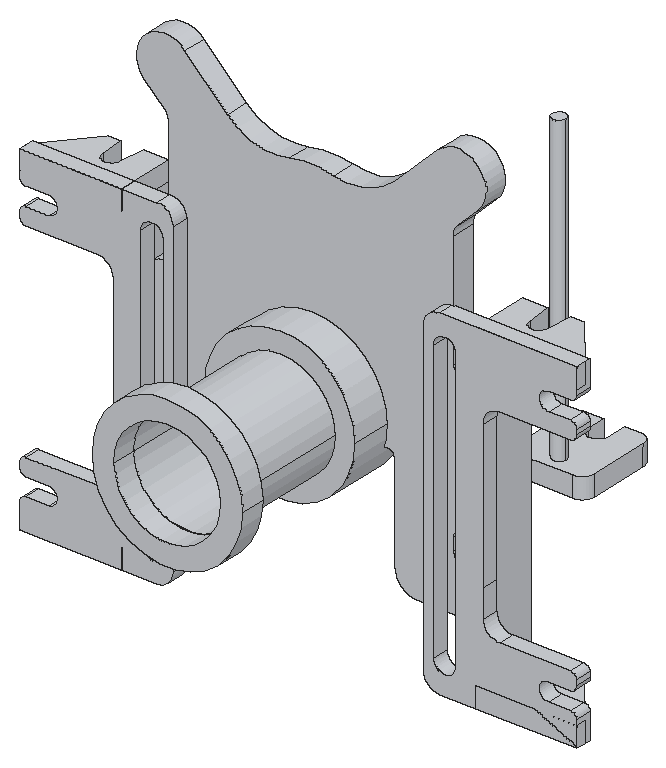
Revit family "Zurn Carrier - Z1201-NR4", category Plumbing Fixtures, host Floor, Revit 2017
Family settings
  Host = Floor
  Round Connector Dimension = Use Diameter
  Part Type = Normal
  Always vertical = Yes
  Cut with Voids When Loaded = No
  Shared = No
  Room Calculation Point = No
Parameters
  A [instance] = 0' - 4"
Reference planes (in)
  plane 1 "Center (Front/Back)": y = 0
  plane 2: z = 0
  plane 3 "Center (Left/Right)": x = 0
  plane 4: through (-9.05705, -180, 4.16382) normal (-0.0156, 0, 0.9999)
  plane 5: through (-9.08801, -180, 0.16284) normal (-0.0156, 0, 0.9999)
Dimensions and locks (in)
  equal spacing: host sketch curve, plane 1 "Center (Front/Back)", host sketch curve
  equal spacing: host sketch curve, plane 3 "Center (Left/Right)", host sketch curve
  host sketch curve to host sketch curve = 10' - 0"  (x2)
  "A": plane 4 to plane 5
  "A": plane 5 to import instance
  aligned and locked: level to plane 2
Nested families (in)
  nested 1: "Inlet" at (0, 0, 0), type "Inlet"
  nested 2: "Legs" at (0, 0, 0), type "Legs"
Connectors (in)
  piping at (3.12746, 5.75, 4.3542), diameter 4
    settings: on import instance, index 1, connector inside diameter 24", connector length 0' - 0", flow factor 0, pipe flow 0 GPM, pressure drop 0.00 psi, fitting loss kfactor 0, connector angle 0.00°, fixture units 0, engagement length 0' - 0", angle of deflection 0.00°, flow configuration 0, flow direction 1, fitting loss method 0, system type 16, joint type 0, gender type 0, connector reference index -1, connector utility 0, adjustable connector no, is connector primary yes, connector description ""
  piping at (-9.05705, 5.75, 4.16382), diameter 4
    settings: on import instance, index 2, connector inside diameter 24", connector length 0' - 0", flow factor 0, pipe flow 0 GPM, pressure drop 0.00 psi, fitting loss kfactor 0, connector angle 0.00°, fixture units 0, engagement length 0' - 0", angle of deflection 0.00°, flow configuration 0, flow direction 2, fitting loss method 0, system type 16, joint type 0, gender type 0, connector reference index -1, connector utility 0, adjustable connector no, is connector primary no, connector description ""
  piping at (-2.34404, 5.75, 8.26871), diameter 2
    settings: on import instance, index 3, connector inside diameter 24", connector length 0' - 0", flow factor 0, pipe flow 0 GPM, pressure drop 0.00 psi, fitting loss kfactor 0, connector angle 0.00°, fixture units 0, engagement length 0' - 0", angle of deflection 0.00°, flow configuration 0, flow direction 2, fitting loss method 0, system type 17, joint type 0, gender type 0, connector reference index -1, connector utility 0, adjustable connector no, is connector primary no, connector description ""
Definition of nested family "Inlet"
  Parameters (values of type "Inlet")
    Default Elevation = 4' - 0"
  Reference planes (in)
    plane 1 "Center (Front/Back)": y = 0
    plane 2: z = 0
    plane 3 "Center (Left/Right)": x = 0
  Forms (in)
    Extrusion 1, solid
      sketch origin (0, 0, 0) x (1, 0, 0) y (0, 1, 0)
        loop
          line (-48, 48) -> (-48, -48) -> (48, -48) -> (48, 48) -> (-48, 48)
      from 0 to -12
    Extrusion 2, solid
      sketch origin (0, 0, 0) x (1, 0, 0) y (0, 0, 1)
        loop
          line (-2.58153, 13.31897) -> (-3.88128, 14.61872)
          arc (-3.88128, 14.61872) -> (-5.11872, 14.61872) -> (-5.11872, 13.38128) r 0.875
          line (-5.11872, 13.38128) -> (-4.52145, 12.78401)
          arc (-4.52145, 12.78401) -> (-4.41306, 12.6218) -> (-4.375, 12.43046) r 0.5
          line (-4.375, 12.43046) -> (-4.375, 8.86603)
          arc (-4.375, 8.86603) -> (-4.43604, 8.70271) -> (-4.58924, 8.61947) r 0.24899
          arc (-4.58924, 8.61947) -> (-4.98827, 8.39216) -> (-5.12286, 7.95309) r 0.62251
          arc (-5.12286, 7.95309) -> (-5.15122, 7.81669) -> (-5.24877, 7.71723) r 0.24745
          arc (-5.24877, 7.71723) -> (-5.34115, 7.62562) -> (-5.375, 7.5) r 0.25003
          line (-5.375, 7.5) -> (-5.375, 5.5)
          arc (-5.375, 5.5) -> (-5.34115, 5.37438) -> (-5.24877, 5.28277) r 0.25003
          arc (-5.24877, 5.28277) -> (-5.15122, 5.18331) -> (-5.12286, 5.04691) r 0.24745
          arc (-5.12286, 5.04691) -> (-4.98827, 4.60784) -> (-4.58924, 4.38053) r 0.62251
          arc (-4.58924, 4.38053) -> (-4.43604, 4.29729) -> (-4.375, 4.13397) r 0.24899
          line (-4.375, 4.13397) -> (-4.375, 3.73744)
          arc (-4.375, 3.73744) -> (-4.39403, 3.64177) -> (-4.44822, 3.56066) r 0.25
          line (-4.44822, 3.56066) -> (-4.94194, 3.06694)
          arc (-4.94194, 3.06694) -> (-5.07742, 2.38582) -> (-4.5, 2) r 0.625
          line (-4.5, 2) -> (-3.25, 2)
          arc (-3.25, 2) -> (-2.76386, 2.20136) -> (-2.5625, 2.6875) r 0.6875
          line (-2.5625, 2.6875) -> (-2.5625, 5.63621)
          arc (-2.5625, 5.63621) -> (-2.37789, 5.87679) -> (-2.09772, 5.76074) r 0.24907
          arc (-2.09772, 5.76074) -> (0, 4.27489) -> (2.09772, 5.76074) r 2.2237
          arc (2.09772, 5.76074) -> (2.37789, 5.87679) -> (2.5625, 5.63621) r 0.24907
          line (2.5625, 5.63621) -> (2.5625, 2.6875)
          arc (2.5625, 2.6875) -> (2.76386, 2.20136) -> (3.25, 2) r 0.6875
          line (3.25, 2) -> (4.5, 2)
          arc (4.5, 2) -> (5.07742, 2.38582) -> (4.94194, 3.06694) r 0.625
          line (4.94194, 3.06694) -> (4.44822, 3.56066)
          arc (4.44822, 3.56066) -> (4.39403, 3.64177) -> (4.375, 3.73744) r 0.25
          line (4.375, 3.73744) -> (4.375, 4.13397)
          arc (4.375, 4.13397) -> (4.43604, 4.29729) -> (4.58924, 4.38053) r 0.24899
          arc (4.58924, 4.38053) -> (4.98827, 4.60784) -> (5.12286, 5.04691) r 0.62251
          arc (5.12286, 5.04691) -> (5.15122, 5.18331) -> (5.24877, 5.28277) r 0.24745
          arc (5.24877, 5.28277) -> (5.34115, 5.37438) -> (5.375, 5.5) r 0.25003
          line (5.375, 5.5) -> (5.375, 7.5)
          arc (5.375, 7.5) -> (5.34115, 7.62562) -> (5.24877, 7.71723) r 0.25003
          arc (5.24877, 7.71723) -> (5.15122, 7.81669) -> (5.12286, 7.95309) r 0.24745
          arc (5.12286, 7.95309) -> (4.98827, 8.39216) -> (4.58924, 8.61947) r 0.62251
          arc (4.58924, 8.61947) -> (4.43604, 8.70271) -> (4.375, 8.86603) r 0.24899
          line (4.375, 8.86603) -> (4.375, 12.43046)
          arc (4.375, 12.43046) -> (4.41306, 12.6218) -> (4.52145, 12.78401) r 0.5
          line (4.52145, 12.78401) -> (5.11872, 13.38128)
          arc (5.11872, 13.38128) -> (5.11872, 14.61872) -> (3.88128, 14.61872) r 0.875
          line (3.88128, 14.61872) -> (2.58153, 13.31897)
          arc (2.58153, 13.31897) -> (1.70465, 12.80693) -> (0.68932, 12.79193) r 1.99841
          arc (0.68932, 12.79193) -> (0, 12.87579) -> (-0.68932, 12.79193) r 2.87515
          arc (-0.68932, 12.79193) -> (-1.70465, 12.80693) -> (-2.58153, 13.31897) r 1.99841
      from 0.17185 to 0.8906
    Extrusion 3, solid
      sketch origin (0, 0, 0) x (1, 0, 0) y (0, 0, 1)
        loop
          circle (0, 6.5) r 2.31198
      from 5.66374 to 6.42185
    Extrusion 4, solid
      sketch origin (0, 0, 0) x (1, 0, 0) y (0, 0, 1)
        loop
          circle (0, 6.5) r 2.31198
      from 0.17185 to 2.1093
    Extrusion 5, solid
      sketch origin (0, 0, 0) x (1, 0, 0) y (0, 0, 1)
        loop
          circle (0, 6.49859) r 1.68737
      from 2.1093 to 5.66374
    Extrusion 6, void
      sketch origin (0, 0, 0) x (1, 0, 0) y (0, 0, 1)
        loop
          circle (0, 6.49859) r 1.64022
      from 0.17185 to 6.42185
    Extrusion 7, void
      sketch origin (0, 9.7656, 0) x (1, 0, 0) y (0, 0, -1)
        loop
          circle (0, -6.49859) r 1.64022
      from -16.18745 to -9.93745
  Cuts and joins
    Extrusion 6 cuts Extrusion 2
    Extrusion 6 cuts Extrusion 3
    Extrusion 6 cuts Extrusion 4
    Extrusion 6 cuts Extrusion 5
  Dimensions and locks (in)
    aligned and locked: plane 2 to Extrusion 1
    aligned and locked: level to Extrusion 1
Definition of nested family "Legs"
  Parameters (values of type "Legs")
    Default Elevation = 4' - 0"
  Reference planes (in)
    plane 1 "Center (Front/Back)": y = 0
    plane 2: z = 0
    plane 3 "Center (Left/Right)": x = 0
  Forms (in)
    Extrusion 1, solid
      sketch origin (0, 0, 0) x (1, 0, 0) y (0, 1, 0)
        loop
          line (-48, 48) -> (-48, -48) -> (48, -48) -> (48, 48) -> (-48, 48)
      from 0 to -12
    Extrusion 2, solid
      sketch origin (0, 9.7656, 0) x (1, 0, 0) y (0, 1, 0)
        loop
          line (-8.5625, -10.8437) -> (-8.5625, -11.1562) -> (-5.4375, -11.1562) -> (-5.4375, -10.6562) -> (-5.4375, -9.3437) -> (-6.20315, -9.3437) -> (-6.28271, -10.12229)
          arc (-6.28271, -10.12229) -> (-6.5625, -10.40208) -> (-6.84229, -10.12229) r 0.27979
          line (-6.84229, -10.12229) -> (-6.92185, -9.3437) -> (-7.3125, -9.3437) -> (-8.5625, -10.8437)
      from 0 to 0.625
    Extrusion 3, solid
      sketch origin (0, -1.1406, 0) x (-1, 0, 0) y (0, 0, -1)
        loop
          arc (4.15625, -9.5625) -> (4.5, -9.90625) -> (4.84375, -9.5625) r 0.34375
          line (4.84375, -9.5625) -> (4.84375, -0.9375)
          arc (4.84375, -0.9375) -> (4.5, -0.59375) -> (4.15625, -0.9375) r 0.34375
          line (4.15625, -0.9375) -> (4.15625, -9.5625)
        loop
          arc (3.84375, -10) -> (3.9902, -10.35355) -> (4.34375, -10.5) r 0.5
          line (4.34375, -10.5) -> (8.5625, -10.5) -> (8.5625, -9.71875)
          arc (8.5625, -9.71875) -> (8.50758, -9.58617) -> (8.375, -9.53125) r 0.1875
          line (8.375, -9.53125) -> (7.6875, -9.53125)
          arc (7.6875, -9.53125) -> (7.40625, -9.25) -> (7.6875, -8.96875) r 0.28125
          line (7.6875, -8.96875) -> (8.375, -8.96875)
          arc (8.375, -8.96875) -> (8.50758, -8.91383) -> (8.5625, -8.78125) r 0.1875
          line (8.5625, -8.78125) -> (8.5625, -8.625)
          arc (8.5625, -8.625) -> (8.50758, -8.49242) -> (8.375, -8.4375) r 0.1875
          line (8.375, -8.4375) -> (6.1875, -8.4375)
          arc (6.1875, -8.4375) -> (5.83395, -8.29105) -> (5.6875, -7.9375) r 0.5
          line (5.6875, -7.9375) -> (5.6875, -3.41783) -> (5.6875, -2.5625)
          arc (5.6875, -2.5625) -> (5.83395, -2.20895) -> (6.1875, -2.0625) r 0.5
          line (6.1875, -2.0625) -> (8.375, -2.0625)
          arc (8.375, -2.0625) -> (8.50758, -2.00758) -> (8.5625, -1.875) r 0.1875
          line (8.5625, -1.875) -> (8.5625, -1.71875)
          arc (8.5625, -1.71875) -> (8.50758, -1.58617) -> (8.375, -1.53125) r 0.1875
          line (8.375, -1.53125) -> (7.6875, -1.53125)
          arc (7.6875, -1.53125) -> (7.40625, -1.25) -> (7.6875, -0.96875) r 0.28125
          line (7.6875, -0.96875) -> (8.375, -0.96875)
          arc (8.375, -0.96875) -> (8.50758, -0.91383) -> (8.5625, -0.78125) r 0.1875
          line (8.5625, -0.78125) -> (8.5625, 0) -> (4.34375, 0)
          arc (4.34375, 0) -> (3.9902, -0.14645) -> (3.84375, -0.5) r 0.5
          line (3.84375, -0.5) -> (3.84375, -10)
      from -0.25 to 0.25
    Extrusion 4, solid
      sketch origin (0, 9.7656, 9.875) x (0, -1, 0) y (1, 0, 0)
        loop
          line (10.8437, -8.5625) -> (11.1562, -8.5625) -> (11.1562, -5.4375) -> (10.6562, -5.4375) -> (9.3437, -5.4375) -> (9.3437, -6.20315) -> (10.12229, -6.28271)
          arc (10.12229, -6.28271) -> (10.40208, -6.5625) -> (10.12229, -6.84229) r 0.27979
          line (10.12229, -6.84229) -> (9.3437, -6.92185) -> (9.3437, -7.3125) -> (10.8437, -8.5625)
      from 0 to 0.625
    Extrusion 5, solid
      sketch origin (0, 9.7656, 0) x (1, 0, 0) y (0, 0, -1)
        loop
          line (-5.4375, -9.875) -> (-5.4375, -0.625) -> (-5.6875, -0.625) -> (-5.6875, -9.875) -> (-5.4375, -9.875)
      from -10.6562 to -9.3437
    Extrusion 6, solid
      sketch origin (0, 9.7656, 0) x (-1, 0, 0) y (0, -1, 0)
        loop
          line (-8.5625, 10.8437) -> (-7.3125, 9.3437) -> (-6.92185, 9.3437) -> (-6.84229, 10.12229)
          arc (-6.84229, 10.12229) -> (-6.5625, 10.40208) -> (-6.28271, 10.12229) r 0.27979
          line (-6.28271, 10.12229) -> (-6.20315, 9.3437) -> (-5.4375, 9.3437) -> (-5.4375, 10.6562) -> (-5.4375, 11.1562) -> (-8.5625, 11.1562) -> (-8.5625, 10.8437)
      from 0 to 0.625
    Extrusion 7, solid
      sketch origin (0, -1.1406, 0) x (1, 0, 0) y (0, 0, 1)
        loop
          line (4.15625, 9.5625) -> (4.15625, 0.9375)
          arc (4.15625, 0.9375) -> (4.5, 0.59375) -> (4.84375, 0.9375) r 0.34375
          line (4.84375, 0.9375) -> (4.84375, 9.5625)
          arc (4.84375, 9.5625) -> (4.5, 9.90625) -> (4.15625, 9.5625) r 0.34375
        loop
          line (3.84375, 10) -> (3.84375, 0.5)
          arc (3.84375, 0.5) -> (3.9902, 0.14645) -> (4.34375, 0) r 0.5
          line (4.34375, 0) -> (8.5625, 0) -> (8.5625, 0.78125)
          arc (8.5625, 0.78125) -> (8.50758, 0.91383) -> (8.375, 0.96875) r 0.1875
          line (8.375, 0.96875) -> (7.6875, 0.96875)
          arc (7.6875, 0.96875) -> (7.40625, 1.25) -> (7.6875, 1.53125) r 0.28125
          line (7.6875, 1.53125) -> (8.375, 1.53125)
          arc (8.375, 1.53125) -> (8.50758, 1.58617) -> (8.5625, 1.71875) r 0.1875
          line (8.5625, 1.71875) -> (8.5625, 1.875)
          arc (8.5625, 1.875) -> (8.50758, 2.00758) -> (8.375, 2.0625) r 0.1875
          line (8.375, 2.0625) -> (6.1875, 2.0625)
          arc (6.1875, 2.0625) -> (5.83395, 2.20895) -> (5.6875, 2.5625) r 0.5
          line (5.6875, 2.5625) -> (5.6875, 3.41783) -> (5.6875, 7.9375)
          arc (5.6875, 7.9375) -> (5.83395, 8.29105) -> (6.1875, 8.4375) r 0.5
          line (6.1875, 8.4375) -> (8.375, 8.4375)
          arc (8.375, 8.4375) -> (8.50758, 8.49242) -> (8.5625, 8.625) r 0.1875
          line (8.5625, 8.625) -> (8.5625, 8.78125)
          arc (8.5625, 8.78125) -> (8.50758, 8.91383) -> (8.375, 8.96875) r 0.1875
          line (8.375, 8.96875) -> (7.6875, 8.96875)
          arc (7.6875, 8.96875) -> (7.40625, 9.25) -> (7.6875, 9.53125) r 0.28125
          line (7.6875, 9.53125) -> (8.375, 9.53125)
          arc (8.375, 9.53125) -> (8.50758, 9.58617) -> (8.5625, 9.71875) r 0.1875
          line (8.5625, 9.71875) -> (8.5625, 10.5) -> (4.34375, 10.5)
          arc (4.34375, 10.5) -> (3.9902, 10.35355) -> (3.84375, 10) r 0.5
      from -0.25 to 0.25
    Extrusion 8, solid
      sketch origin (0, 9.7656, 9.875) x (0, 1, 0) y (-1, 0, 0)
        loop
          line (-10.8437, -8.5625) -> (-9.3437, -7.3125) -> (-9.3437, -6.92185) -> (-10.12229, -6.84229)
          arc (-10.12229, -6.84229) -> (-10.40208, -6.5625) -> (-10.12229, -6.28271) r 0.27979
          line (-10.12229, -6.28271) -> (-9.3437, -6.20315) -> (-9.3437, -5.4375) -> (-10.6562, -5.4375) -> (-11.1562, -5.4375) -> (-11.1562, -8.5625) -> (-10.8437, -8.5625)
      from 0 to 0.625
    Extrusion 9, solid
      sketch origin (0, 9.7656, 0) x (-1, 0, 0) y (0, 0, 1)
        loop
          line (-5.4375, 9.875) -> (-5.6875, 9.875) -> (-5.6875, 0.625) -> (-5.4375, 0.625) -> (-5.4375, 9.875)
      from -10.6562 to -9.3437
    Extrusion 10, solid
      sketch origin (0, 1.375, 0) x (1, 0, 0) y (0, 1, 0)
        loop
          arc (-1.18637, 7.1259) -> (-1.0766, 6.8609) -> (-0.8116, 6.75113) r 0.37477
          line (-0.8116, 6.75113) -> (0.8116, 6.75113)
          arc (0.8116, 6.75113) -> (1.0766, 6.8609) -> (1.18637, 7.1259) r 0.37477
          line (1.18637, 7.1259) -> (1.18637, 8.9991)
          arc (1.18637, 8.9991) -> (1.0766, 9.2641) -> (0.8116, 9.37387) r 0.37477
          line (0.8116, 9.37387) -> (0.31392, 9.37387) -> (0.31392, 8.75)
          arc (0.31392, 8.75) -> (0, 8.43608) -> (-0.31392, 8.75) r 0.31392
          line (-0.31392, 8.75) -> (-0.31392, 9.37387) -> (-0.8116, 9.37387)
          arc (-0.8116, 9.37387) -> (-1.0766, 9.2641) -> (-1.18637, 8.9991) r 0.37477
          line (-1.18637, 8.9991) -> (-1.18637, 7.1259)
      from 0 to 0.625
    Extrusion 11, solid
      sketch origin (0, 1.375, 0) x (1, 0, 0) y (0, 1, 0)
        loop
          circle (0, 7.24219) r 0.20957
      from 0 to 10
  Dimensions and locks (in)
    aligned and locked: plane 2 to Extrusion 1
    aligned and locked: level to Extrusion 1
